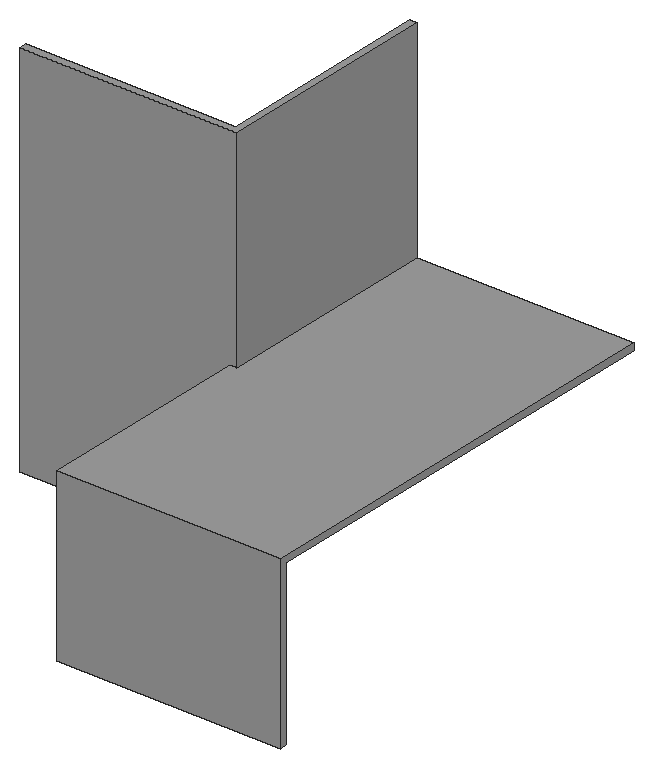
Revit family "Flashing_Preformed_Hyload_Type-WL2", category Generic Models, Revit 2015
Parameters (values of type "As Specified")
  Upper Height = 0' - 4"
  Unit Width = 1' - 0"
  Unit Height = 0' - 2"
  Unit Depth = 0' - 4"
  URL = "http://www.hyload.com/"
  Thickness = 0' - 0 1/16"
  Specification = "http://www.arcat.com/sdspecs/htm04/07_65_00hyl.htm"
  Sales Information = "http://www.hyload.com/contact-us"
  Revision = "R1_12-2015"
  Product Properties = "http://www.hyload.com/masonry-flashing/preformed-shapes/"
  Product Data = "http://www.arcat.com/arcatcos/cos33/arc33176.html"
  Model = "Type WL2"
  Manufacturer Website = "http://www.hyload.com/"
  Manufacturer Phone - Toll Free = "800-457-4056"
  Manufacturer Phone = "330-769-3546"
  Manufacturer Fax = "330-769-4153"
  Manufacturer Address = "5020 Panther Pkwy., Seville, OH 44273"
  Manufacturer = "Hyload"
  Lower Height = 0' - 1 1/2"
  Keynote = "07 65 00"
  Flashing Material = Hyload Flashing Membrane - Grey
  Drawn By = "Robert S. Weygant / Sumex Design"
  Description = "Preformed Hyload Masonry Flashing - Type WL2"
  Copyright = "(c) ARCAT, Inc, 2015"
  Construction Details = "http://www.arcat.com/details/hyload/hyload.html?coid=33176"
  Assembly Code = "B3010400"
Reference planes (in)
  plane 1 "Center (Front/Back)": y = 0
  plane 2: z = 0
  plane 3 "Center (Left/Right)": x = 0
  plane 4 "Back": y = 2
  plane 5: x = 2
  plane 6 "WinPlane": z = -1.5
  plane 7: x = 22
  plane 8 "Front": y = -2
  plane 9: z = 2
  plane 10: x = -2
Forms (in)
  Extrusion 1, solid, material "Hyload Flashing Membrane - Grey" <- "Flashing Material"
    sketch origin (0, 0, 0) x (1, 0, 0) y (0, 0, 1)
      loop
        line (0, 0) -> (2, 0) -> (2, 0.0625) -> (-0.0625, 0.0625) -> (-0.0625, -1.5) -> (0, -1.5) -> (0, 0)
    from 0 to 2
  Extrusion 2, solid, material "Hyload Flashing Membrane - Grey" <- "Flashing Material"
    sketch origin (0, 2, 0) x (-1, 0, 0) y (0, 0, 1)
      loop
        line (0, 0.0625) -> (-2, 0.0625) -> (-2, 0) -> (0.0625, 0) -> (0.0625, 2) -> (0, 2) -> (0, 0.0625)
    from -2 to 0
  Extrusion 3, solid, material "Hyload Flashing Membrane - Grey" <- "Flashing Material"
    sketch origin (0, 0, 0) x (1, 0, 0) y (0, 0, 1)
      loop
        line (-2, 2) -> (-2, -1.5) -> (0, -1.5) -> (0, 2) -> (-2, 2)
    from 0 to 0.0625 <- "Thickness"
  Extrusion 4, solid, material "Hyload Flashing Membrane - Grey" <- "Flashing Material"
    sketch origin (0, -2, 0) x (-1, 0, 0) y (0, 0, 1)
      loop
        line (0.0625, 0.0625) -> (-2, 0.0625) -> (-2, -1.5) -> (0.0625, -1.5) -> (0.0625, 0.0625)
    from -0.0625 to 0
Cuts and joins
  joined: Extrusion 1, Extrusion 2, Extrusion 3, Extrusion 4
Dimensions and locks (in)
  "Unit Depth": plane 4 "Back" to plane 8 "Front"
  locked: plane 8 "Front" to plane 1 "Center (Front/Back)" at 2
  plane 10 to plane 3 "Center (Left/Right)" = 0' - 2"
  locked: plane 3 "Center (Left/Right)" to plane 5 at 2
  "Lower Height": level to plane 6 "WinPlane"
  "Unit Height": plane 9 to level
  "Thickness": plane 3 "Center (Left/Right)" to Extrusion 1 sketch curve
  "Thickness": Extrusion 1 sketch curve to level
  "Thickness": Extrusion 2 sketch curve to level
  "Thickness": plane 3 "Center (Left/Right)" to Extrusion 2 sketch curve
  "Thickness": plane 8 "Front" to Extrusion 4
  aligned and locked: plane 2 to level
  aligned and locked: level to Extrusion 1 sketch curve
  aligned and locked: Extrusion 1 sketch curve to plane 3 "Center (Left/Right)"
  aligned and locked: Extrusion 1 sketch curve to plane 5
  aligned and locked: plane 6 "WinPlane" to Extrusion 1 sketch curve
  aligned and locked: Extrusion 1 to plane 8 "Front"
  aligned and locked: Extrusion 1 to plane 1 "Center (Front/Back)"
  aligned and locked: plane 1 "Center (Front/Back)" to Extrusion 2
  aligned and locked: plane 4 "Back" to Extrusion 2
  aligned and locked: Extrusion 2 sketch curve to plane 9
  aligned and locked: Extrusion 2 sketch curve to plane 5
  aligned and locked: level to Extrusion 2 sketch curve
  aligned and locked: plane 3 "Center (Left/Right)" to Extrusion 2 sketch curve
  aligned and locked: Extrusion 3 sketch curve to plane 9
  aligned and locked: plane 10 to Extrusion 3 sketch curve
  aligned and locked: Extrusion 3 sketch curve to Extrusion 1  (x2)
  aligned and locked: Extrusion 3 to plane 1 "Center (Front/Back)"
  aligned and locked: Extrusion 4 sketch curve to cut or joined group of Extrusion 1, Extrusion 2, Extrusion 3, Extrusion 4  (x2)
  aligned and locked: plane 6 "WinPlane" to Extrusion 4 sketch curve
  aligned and locked: Extrusion 4 sketch curve to plane 5
  aligned and locked: plane 8 "Front" to Extrusion 4
